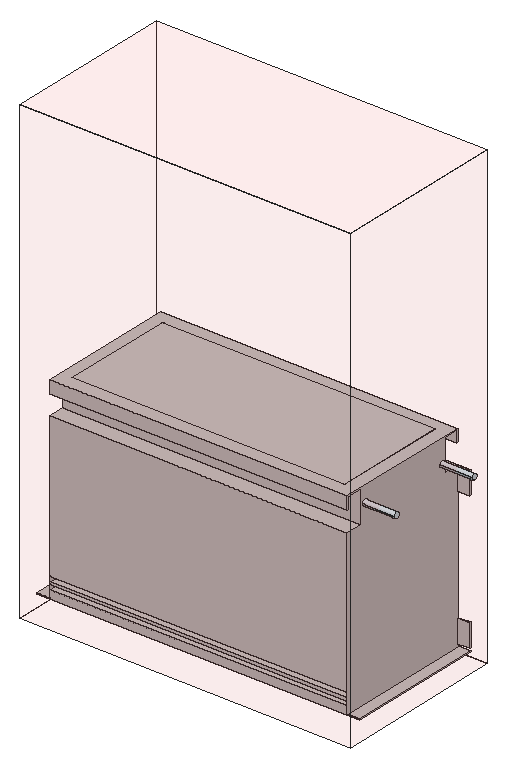
Revit family "Air-Curtain_Vestibule-Except_PoweredAire_ETA-HWST", category Mechanical Equipment, host Face, Revit 2024
Family settings
  Host = Face
  Round Connector Dimension = Use Diameter
  Part Type = Normal
  OmniClass Number = 23.75.35.17.21
  OmniClass Title = Air Curtains
  Cut with Voids When Loaded = No
  Maintain Annotation Orientation = No
  Shared = No
  Room Calculation Point = No
Parameters
  upperrotation [instance] = if(Upper Pipe Connection Side A, 0.00°, 180.00°)  # 0.00°
  lowerrotation [instance] = if(Lower Pipe Connection Side A, 0.00°, 180.00°)  # 0.00°
  locateupperpipe [instance] = if(Upper Pipe Connection Side A, 0' 0", Nozzle Width)  # 0' - 0"
  locatelowerpipe [instance] = if(Lower Pipe Connection Side A, 0' 0", Nozzle Width)  # 0' - 0"
  Warranty Duration (Years) = 0
  Upper Pipe Connection Side A [instance] = yes
  Unit Width Notes = "Other Widths available."  # constant formula
  Unit Width = 3' - 3"
  Unit Weight = 0
  Unit Height = 1' - 4 3/4"
  Unit Depth [instance] = if(Include Filters, 2' 1 7/8", 1' 11 3/4")  # 1' - 11 3/4"
  URL = "http://www.poweredaire.com/"
  Test Data = ""
  Standards Conformance = "as Specified"
  Specification = "http://www.arcat.com/sdspecs/htm04/23_34_33pai.htm"
  SpecWizard = ""
  Sound Pressure = "as Specified"
  Sales Information = "http://www.poweredaire.com/contact_us"
  Revision = "R1_2016-08"
  Projection from Host [instance] = 0' - 2"
  Product Properties = ""
  Product Data = "http://www.arcat.com/arcatcos/cos47/arc47623.html"
  Power Rating = 0 W
  Piping_Water Flow [instance] = 0 GPM
  Piping_Operating Pressure [instance] = 0.00 psi
  Piping_Exit Temperature [instance] = 0 °F
  Piping_Entry Temperature [instance] = 0 °F
  Pipe OD [instance] = 5/8"
  Nozzle Width = if(1 = 1, Unit Width - 0' 3", 0' 0")  # 3' - 0"
  Mounting Width = if(1 = 1, Unit Width - 0' 1 1/2", 0' 0")  # 3' - 1 1/2"
  Mounting Height [instance] = 3' - 6"
  Motor RPM = 0
  Motor HP = 0
  Motor Count = 0
  Model = "As Specified"
  Max Height = 0' - 0"
  Manufacturer Website = "http://www.poweredaire.com/"
  Manufacturer Phone - Toll Free = "888-321-2473"
  Manufacturer Phone = "724-588-3305"
  Manufacturer Fax = "724-588-3371"
  Manufacturer Address = "109 Mortensen Rd.  Greenville, PA 16125"
  Manufacturer = "Powered Aire, Inc"
  Maintenance Schedule (Months) = 0
  Lower Pipe Connection Side A [instance] = yes
  Keynote = "23 34 33"
  Installation-Fabrication = ""
  Installation Phase = ""
  Include Filters [instance] = no
  Include Clearance [instance] = yes
  Heating Element Load = 0 W
  HVAC_Temperature Rise = 0 °F
  HVAC_Outlet Volume = 0 CFM
  HVAC_Outlet Velocity Uniformity = 0
  HVAC_Outlet Velocity = 0 FPM
  HVAC_BTU Input = 0.0 Btu/h
  Green Building-LEED = "http://www.arcat.com/green/clients/leed_data_47623.html"
  Front Grating Material [instance] = Metal - Steel - PoweredAire - Stainless 304 Perforated
  Frame Finish [instance] = Metal - Steel - PoweredAire - Stainless 304
  Expected Lifespan (Years) = 0
  Electrical_Wattage [instance] = Power Rating + Heating Element Load  # 0 W
  Electrical_Voltage [instance] = 0 V
  Electrical_Phase [instance] = 1
  Electrical_Frequency [instance] = 0 Hz
  Electrical_Amperage [instance] = 0 A
  Drawn By = "Sumex Design, Inc. / Robert S. Weygant, CSI, CDT, SCIP"
  Description = "Powered Aire Air Curtain as Specified"
  Default Elevation = 0' - 0"  # constant formula
  Copyright = "©Arcat Inc."
  Construction Details = "http://www.arcat.com/details/powair/prod3336.html"
  Clearance_Top [instance] = 0' - 2"
  Clearance_Side B [instance] = 0' - 0 1/2"
  Clearance_Side A [instance] = 0' - 0 1/2"
  Clearance_Intake [instance] = 2' - 6"
  Clearance_Bottom [instance] = 0' - 2"
  Clearance Material [instance] = ARCAT Clearance
  Building Codes = ""
  Available Options [instance] = "as Specified"
  Assembly Code = "D3090400"
Reference planes (in)
  plane 1 "Center (Elevation)": y = 0.13818
  plane 2: z = 0
  plane 3 "Center (Left/Right)": x = 0
  plane 4: y = 8.51318
  plane 5: y = -8.23682
  plane 6: x = -19.5
  plane 7: x = 19.5
  plane 8: z = 25.75
  plane 9 "FF": y = -41.86182
  plane 10: z = 2
  plane 11: x = 18
  plane 12: x = -18
  plane 13: y = 10.51318
  plane 14: y = -10.23682
  plane 15: x = -20
  plane 16: x = 20
  plane 17: z = 55.75
  plane 18: x = 17.9375
  plane 19: x = -17.9375
  plane 20: x = 18
  plane 21: x = 18
  plane 22: y = 6.01318
  plane 23: y = -5.73682
Forms (in)
  Extrusion 1, solid, material "Metal - Steel - PoweredAire - Stainless 304" <- "Frame Finish"
    sketch origin (0, 0, 0) x (0, 1, 0) y (0, 0, 1)
      loop
        line (-8.23682, 2) -> (8.51318, 2) -> (8.51318, 21.8125) -> (6.51318, 21.8125) -> (6.51318, 25.625) -> (8.38818, 25.625) -> (8.38818, 24.25) -> (8.51318, 24.25) -> (8.51318, 25.75) -> (-8.23682, 25.75) -> (-8.23682, 24.25) -> (-8.11182, 24.25) -> (-8.11182, 25.625) -> (-6.23682, 25.625) -> (-6.23682, 21.8125) -> (-8.23682, 21.8125) -> (-8.23682, 2)
    from -18 to 18
  Extrusion 2, solid, material "ARCAT Clearance" <- "Clearance Material", visible <- "Include Clearance"
    sketch origin (0, 0, 0) x (0, 1, 0) y (0, 0, 1)
      loop
        line (-10.23682, 55.75) -> (-10.23682, 0) -> (10.51318, 0) -> (10.51318, 55.75) -> (-10.23682, 55.75)
    from -20 to 20
  Extrusion 3, solid, material "Metal - Steel - PoweredAire - Stainless 304" <- "Frame Finish"
    sketch origin (-15.17702, -180, 2) x (-1, 0, 0) y (0, -1, 0)
      loop
        line (-33.17702, -188.51318) -> (-33.17702, -171.76318) -> (-34.67702, -171.76318) -> (-34.67702, -188.51318) -> (-33.17702, -188.51318)
      loop
        line (2.82298, -188.51318) -> (4.32298, -188.51318) -> (4.32298, -171.76318) -> (2.82298, -171.76318) -> (2.82298, -188.51318)
    from 0 to 0.125
  Extrusion 4, solid, material "Metal - Steel - PoweredAire - Stainless 304" <- "Frame Finish"
    sketch origin (-11.83813, 8.51318, 48) x (-1, 0, 0) y (0, 0, 1)
      loop
        line (-29.83813, -45.5) -> (-29.83813, -42.75) -> (-31.33813, -42.75) -> (-31.33813, -45.5) -> (-29.83813, -45.5)
      loop
        line (-29.83813, -28.9375) -> (-29.83813, -26.1875) -> (-31.33813, -26.1875) -> (-31.33813, -28.9375) -> (-29.83813, -28.9375)
      loop
        line (6.16187, -45.5) -> (7.66187, -45.5) -> (7.66187, -42.75) -> (6.16187, -42.75) -> (6.16187, -45.5)
      loop
        line (6.16187, -28.9375) -> (7.66187, -28.9375) -> (7.66187, -26.1875) -> (6.16187, -26.1875) -> (6.16187, -28.9375)
    from 0 to -0.125
  Extrusion 5, void
    sketch origin (0, 0, 0) x (0, 1, 0) y (0, 0, 1)
      loop
        line (-8.23682, 3) -> (-7.23682, 3) -> (-7.23682, 4.5) -> (-8.23682, 4.5) -> (-8.23682, 3.82425) -> (-7.38364, 3.82425) -> (-7.38364, 3.57425) -> (-8.23682, 3.57425) -> (-8.23682, 3)
    from -17.9375 to 17.9375
  Extrusion 6, solid, material "Metal - Steel - PoweredAire - Stainless 304 Perforated" <- "Front Grating Material"
    sketch origin (0, -8.23682, 25.75) x (0, 1, 0) y (-1, 0, 0)
      loop
        line (15.25, 16.5) -> (1.5, 16.5) -> (1.5, -16.5) -> (15.25, -16.5) -> (15.25, 16.5)
    from 0 to 0.03125
  Sweep 7, solid
    path origin (18, 6.01318, 0) x (1, 0, 0) y (0, 1, 0)
      loop
        line (0, 0) -> (4, 0)
    profile origin (20, 6.01318, 0) x (0, 1, 0) y (0, 0, 1)
      loop
        circle (0, 23) r 0.3125
  Sweep 8, solid
    path origin (18, -5.73682, 0) x (1, 0, 0) y (0, 1, 0)
      loop
        line (0, 0) -> (4, 0)
    profile origin (20, -5.73682, 0) x (0, 1, 0) y (0, 0, 1)
      loop
        circle (0, 24) r 0.3125
Cuts and joins
  Extrusion 5 cuts Extrusion 1
Lines and regions (in)
  reference lines
    curve 1: line (18, 6.01318, 0) -> (22.75, 6.01318, 0)
    curve 2: line (18, -5.73682, 0) -> (23.75, -5.73682, 0)
Dimensions and locks (in)
  equal spacing: plane 4, plane 1 "Center (Elevation)", plane 5
  "Unit Height": plane 4 to plane 5
  equal spacing: plane 6, plane 3 "Center (Left/Right)", plane 7
  "Unit Width": plane 6 to plane 7
  "Mounting Height": plane 1 "Center (Elevation)" to plane 9 "FF"
  "Projection from Host": plane 10 to level
  "Unit Depth": plane 8 to plane 10
  locked: plane 6 to plane 12 at 1.5
  locked: plane 11 to plane 7 at 1.5
  "Clearance_Side A": plane 7 to plane 16
  "Clearance_Side B": plane 15 to plane 6
  "Clearance_Top": plane 13 to plane 4
  "Clearance_Bottom": plane 5 to plane 14
  "Clearance_Intake": plane 17 to plane 8
  plane 5 to Extrusion 1 sketch curve to Extrusion 1 sketch curve = 0' - 0 1/8" locked, 0' - 1 7/8" locked
  Extrusion 1 sketch curve to Extrusion 1 sketch curve to plane 4 = 0' - 1 7/8" locked, 0' - 0 1/8" locked
  Extrusion 4 sketch curve to Extrusion 4 sketch curve to Extrusion 4 sketch curve to Extrusion 4 sketch curve to plane 10 = 0' - 2 3/4" locked, 1' - 1 13/16" locked, 0' - 2 3/4" locked, 0' - 0 1/2" locked
  Extrusion 4 sketch curve to Extrusion 4 sketch curve to Extrusion 4 sketch curve to Extrusion 4 sketch curve = 0' - 2 3/4" locked, 1' - 1 13/16" locked, 0' - 2 3/4" locked
  locked: Extrusion 4 sketch curve to plane 10 at 0.5
  plane 8 to Extrusion 1 sketch curve to Extrusion 1 sketch curve = 0' - 0 1/8" locked, 0' - 1 3/8" locked  (x2)
  locked: Extrusion 1 sketch curve to plane 10 at 19.8125  (x2)
  Extrusion 5 sketch curve to Extrusion 5 sketch curve to Extrusion 5 sketch curve to Extrusion 5 sketch curve to plane 10 = 0' - 0.67575" locked, 0' - 0 1/4" locked, 0' - 0.57425" locked, 0' - 1" locked
  plane 5 to Extrusion 5 sketch curve to Extrusion 5 sketch curve = 0' - 0.85319" locked, 0' - 0.14681" locked
  locked: plane 19 to plane 12 at 0.0625
  locked: plane 11 to plane 18 at 0.0625
  locked: plane 4 to Extrusion 6 sketch curve at 1.5
  locked: Extrusion 6 sketch curve to plane 5 at 1.5
  locked: Extrusion 6 sketch curve to plane 11 at 1.5
  locked: plane 12 to Extrusion 6 sketch curve at 1.5
  "locateupperpipe": plane 20 to plane 11
  "locatelowerpipe": plane 21 to plane 11
  locked: plane 4 to plane 22 at 2.5
  locked: plane 23 to plane 5 at 2.5
  locked: curve 1 to Sweep 7 sketch curve at 4
  locked: curve 1 to Sweep 7 sketch curve
  locked: Sweep 7 sketch curve to plane 10 at 21
  locked: curve 2 to Sweep 8 sketch curve at 4
  locked: curve 2 to Sweep 8 sketch curve
  locked: Sweep 8 sketch curve to plane 10 at 22
  "upperrotation": angle plane 22 to curve 1
  "lowerrotation": angle plane 23 to curve 2
  aligned and locked: plane 2 to host face
  aligned and locked: level to host face
  aligned and locked: Extrusion 2 sketch curve to plane 17
  aligned and locked: plane 14 to Extrusion 2 sketch curve
  aligned and locked: level to Extrusion 2 sketch curve
  aligned and locked: Extrusion 2 sketch curve to plane 13
  aligned and locked: plane 16 to Extrusion 2
  aligned and locked: Extrusion 2 to plane 15
  aligned and locked: plane 11 to Extrusion 1
  aligned and locked: Extrusion 1 to plane 12
  aligned and locked: plane 21 to curve 2
  aligned and locked: plane 23 to curve 2
  aligned and locked: plane 22 to curve 1
  aligned and locked: plane 20 to curve 1
Automatic sketch dimensions
  host sketch curve to host sketch curve = 8' - 0"  (x2)
  Extrusion 1 sketch curve to plane 5 = 0' - 0"  (x2)
  Extrusion 1 sketch curve to plane 4 = 0' - 0"  (x2)
  Extrusion 1 sketch curve to plane 10 = 0' - 0"
  Extrusion 1 sketch curve to plane 8 = 0' - 0"
  plane 4 to Extrusion 3 sketch curve = 0' - 0"
  Extrusion 3 sketch curve to plane 7 = 0' - 0"
  plane 5 to Extrusion 3 sketch curve = 0' - 0"
  Extrusion 3 sketch curve to plane 11 = 0' - 0"
  Extrusion 3 sketch curve to plane 4 = 0' - 0"
  Extrusion 3 sketch curve to plane 12 = 0' - 0"
  Extrusion 3 sketch curve to plane 6 = 0' - 0"
  Extrusion 3 sketch curve to plane 5 = 0' - 0"
  Extrusion 4 sketch curve to plane 7 = 0' - 0"  (x2)
  Extrusion 4 sketch curve to plane 11 = 0' - 0"  (x2)
  Extrusion 4 sketch curve to plane 12 = 0' - 0"  (x2)
  Extrusion 4 sketch curve to plane 6 = 0' - 0"  (x2)
  Extrusion 5 sketch curve to plane 5 = 0' - 0"  (x2)
  Sweep 7 sketch curve to profile plane = 0' - 0"
  Sweep 8 sketch curve to profile plane = 0' - 0"
  radius of Sweep 7 sketch curve = 0' - 0 5/16"
  radius of Sweep 8 sketch curve = 0' - 0 5/16"
Connectors (in)
  piping at (22, 6.01318, 23), diameter 0.625, driven by "Pipe OD", driven by "Piping_Water Flow"
    settings: on Sweep 7, index 1, connector inside diameter 24", connector length 0' - 0", flow factor 0, pipe flow 0 GPM, pressure drop 0.00 psi, fitting loss kfactor 0, connector angle 0.00°, fixture units 0, engagement length 0' - 0", angle of deflection 0.00°, flow configuration 0, flow direction 0, fitting loss method 0, system type 29, joint type 0, gender type 0, connector reference index -1, connector utility 0, adjustable connector no, is connector primary yes, connector description "Define Supply or Return and Location"
  piping at (22, -5.73682, 24), diameter 0.625, driven by "Pipe OD", driven by "Piping_Water Flow"
    settings: on Sweep 8, index 2, connector inside diameter 24", connector length 0' - 0", flow factor 0, pipe flow 0 GPM, pressure drop 0.00 psi, fitting loss kfactor 0, connector angle 0.00°, fixture units 0, engagement length 0' - 0", angle of deflection 0.00°, flow configuration 0, flow direction 0, fitting loss method 0, system type 29, joint type 0, gender type 0, connector reference index -1, connector utility 0, adjustable connector no, is connector primary no, connector description "Define Supply or Return and Location"
  electrical at (-18, 0.13818, 21.39062), driven by "Electrical_Voltage", driven by "Electrical_Phase"
    settings: on cut or joined group of Extrusion 1, Extrusion 5, index 3, voltage 0 V, apparent load 0 VA, apparent load phase1 0 VA, apparent load phase2 0 VA, apparent load phase3 0 VA, power factor 1, load classification "Motor", number of poles 1, system type 31, power factor state 1, is connector primary yes, connector utility no, sub classification motor no, connector description ""
